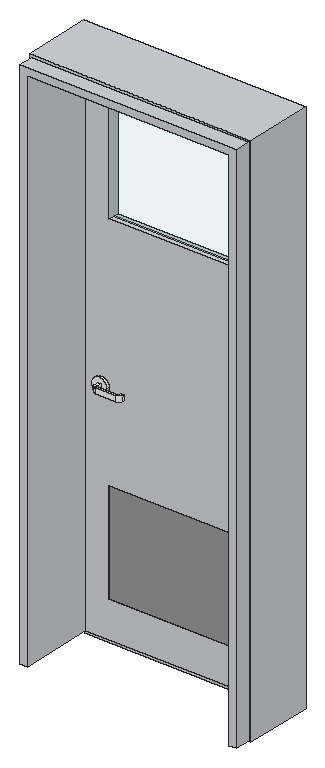
Revit family "Dor_片開き戸", category ドア, Revit 2020
Family settings
  ホスト = 壁
  常に垂直 = はい
  ロード時にボイドで切り取り = はい
  共有 = いいえ
  部屋計算ポイント = いいえ
Parameters (values of type "片開き戸")
  開口逃げ位置表示 [instance] = no
  金物_施錠方式(外) = ""
  金物_施錠方式(内) = ""
  金物_支持金物 = ""
  金物_操作金物 = ""
  金物_戸当り = ""
  金物_固定金物 = ""
  金物_フランス落し = ""
  金物_クローザー = ""
  逃げ_左 = 60 mm
  逃げ_右 = 60 mm
  解析用性能 = "<なし>"
  符号_建具記号 = ""
  符号_建具番号 = ""
  法_随時閉鎖 = yes
  法_防火性能 = ""
  法_遮煙 = yes
  法_常時閉鎖 = yes
  沓摺表示 [instance] = yes
  文字_ガラス厚 = ""
  建枠下延長 [instance] = 0 mm
  沓摺見込_Kc_Kd [instance] = 150 mm
  ラベル_遮煙 = if(法_遮煙, "S", " ")  # "S"
  ラベル_法囲み = if(法_常時閉鎖, "□", if(法_随時閉鎖, "〇", " "))  # "□"
  ドアパネルタイプ = DP_腰窓+ガラリ : 腰窓+ガラリ
  スリット/小窓位置：戸先 [instance] = yes
  ガラス厚 = 6 mm
  オフセット_外側 [instance] = 50 mm
  calc_沓摺幅 = 幅 + 戸当見付 * 2  # 830 mm
  沓摺タイプ = Ka_沓摺 : Ka_沓摺
  次による断熱プロパティの定義 = スキーマティック タイプ
  枠見付内_F01 = 30 mm
  calc_枠見込内 [instance] = if(and(枠ちり内 = 0 mm, オフセット_内側 = 0 mm), 1 mm, 0 mm)  # 0 mm
  calc_枠見付内 = if(枠タイプ = 1, 枠見付内_F01, if(枠タイプ = 2, 枠見付 + 戸当見付, if(枠タイプ = 3, 枠見付 + 戸当見付, 枠見付)))  # 30 mm
  文字_額縁材質 = ""
  文字_額縁仕上 = ""
  文字_沓摺材質 = ""
  文字_沓摺仕上 = ""
  文字_枠材質 = ""
  文字_枠仕上 = ""
  文字_建具材質 = ""
  文字_建具仕上 = ""
  文字_取付場所 = ""
  文字_備考 = ""
  文字_パネル厚 = ""
  文字_ガラリ材質 = ""
  文字_ガラリ仕上 = ""
  文字_ガラス材質 = ""
  文字_アンダーカット = ""
  性能_遮音 = ""
  性能_気密 = ""
  形状_沓摺形状 = ""
  形状_枠形状 = ""
  形状_建具形式 = ""
  形状_ガラリ形状 = ""
  仕上げ厚 = 0 mm
  calc_壁芯ずれ [instance] = オフセット_外側 / 2 + オフセット_内側 / 2 + LOCK  # 50 mm
  calc_仕上げ厚 [instance] = if(and(オフセット_内側 = 0 mm, 仕上げ厚 = 0 mm), 11 mm, 仕上げ厚)  # 0 mm
  マテリアル_沓摺 = none
  マテリアル_枠 = none
  マテリアル_パネル = none
  マテリアル_ガラリ = none
  マテリアル_ガラス = ガラス - 透明
  パネル幅2 = 0 mm  # constant formula
  パネル幅1 = 幅 + 戸当見付 * 2  # 830 mm
  calc_パネル中心位置 = パネル厚 / 2 + LOCK  # 22.5 mm
  ハンドル表示 [instance] = yes
  Keynote = ""
  オフセット_内側 [instance] = 50 mm
  W寸法 = 800 mm
  LOCK = 0 mm  # constant formula
  H寸法 = 2100 mm
  F02_片ひばた2 = 枠タイプ = 2  # no
  Function = (empty or 0)
  Description = ""
  枠タイプ = 1
  Rough Width = 0 mm
  高さ = H寸法 + LOCK  # 2100 mm
  枠見付 = 25 mm
  枠ちり外 = 20 mm
  枠ちり内 = 10 mm
  ハンドル_高さ = 900 mm
  ハンドル_オフセット = 80 mm
  戸当見込 = 50 mm
  戸当見付 = 15 mm
  Construction Type = ""
  Wall Closure = (empty or 0)
  幅 = W寸法 + LOCK  # 800 mm
  Rough Height = 0 mm
  パネル高 = 高さ + 戸当見付 - アンダーカット  # 2110 mm
  パネル幅 = パネル幅1 + LOCK  # 830 mm
  パネル厚 = 45 mm
  アンダーカット = 5 mm
  F01_片ひばた1 = 枠タイプ = 1  # yes
  F03_両ひばた = 枠タイプ = 3  # no
Reference planes
  plane 1: y = 0
  plane 2 "中心(左/右)": x = 0
  plane 3 "EXT.": y = 100
  plane 4 "内壁": y = -100
  plane 5 "左": x = -400
  plane 6 "右": x = 400
  plane 7 "上側": z = 2100
  plane 8: z = 0
  plane 9 "枠ちり外": y = 170
  plane 10 "左扉位置": x = -415
  plane 11 "枠外側左": x = -440
  plane 12 "枠内側左": x = -430
  plane 13 "仕上げ厚": y = -100
  plane 14 "右扉位置": x = 415
  plane 15 "枠外側右": x = 440
  plane 16 "枠内側右": x = 430
  plane 17: z = 2115
  plane 18 "枠見付_上": z = 2140
  plane 19 "枠見付内_上": z = 2130
  plane 20 "戸当り外側": y = 125
  plane 21 "戸当り内側": y = 75
  plane 22: x = -430
  plane 23: x = 430
  plane 24: z = 5
  plane 25 "オフセット": y = -150
  plane 26 "枠ちり内": y = -160
  plane 27 "パネル中心": y = 147.5
  plane 28: y = 90
  plane 29: y = -140
  plane 30: z = 2130
  plane 31: y = 90
  plane 32 "パネル厚中心": y = 147.5
  plane 33 "壁芯": y = -50
  plane 34: z = 900
  plane 35: x = -335
  plane 36 "建枠下延長": z = 0
  plane 37 "枠見込み内": y = -100
  plane 38 "オフセット_外側": y = 150
  plane 39 "マスク位置": z = 500
  plane 40: y = 155
Forms (mm)
  Extrusion 1, void
    sketch origin (0, 0, 0) x (1, 0, 0) y (0, 1, 0)
      loop
        line (-430, -150) -> (430, -150) -> (430, -100) -> (-430, -100) -> (-430, -150)
    from 0 to 2130
  Extrusion 2, void
    sketch origin (0, 0, 0) x (1, 0, 0) y (0, 1, 0)
      loop
        line (-440, 150) -> (-440, -100) -> (440, -100) -> (440, 150) -> (-440, 150)
    from 0 to 2140
  Sweep 3, solid, material <- "マテリアル_枠", visible <- "F01_片ひばた1", detail levels medium+fine
    path origin (0, 100, 0) x (1, 0, 0) y (0, 0, 1)
      loop
        line (400, 0) -> (400, 2100) -> (-400, 2100) -> (-400, 0)
    profile origin (400, 100, 1050) x (-1, 0, 0) y (0, -1, 0)
      loop
        line (-40, -70) -> (-15, -70) -> (-15, -25) -> (0, -25) -> (0, 260) -> (-30, 260) -> (-30, 200) -> (-40, 200) -> (-40, -70)
  Sweep 4, solid, material <- "マテリアル_枠", visible <- "F02_片ひばた2"
    path origin (0, 100, 0) x (1, 0, 0) y (0, 0, 1)
      loop
        line (400, 0) -> (400, 2100) -> (-400, 2100) -> (-400, 0)
    profile origin (400, 100, 1050) x (-1, 0, 0) y (0, -1, 0)
      loop
        line (-40, -70) -> (-15, -70) -> (-15, -25) -> (0, -25) -> (0, 260) -> (-40, 260) -> (-40, -70)
  Sweep 5, solid, material <- "マテリアル_枠", visible <- "F03_両ひばた"
    path origin (0, 100, 0) x (1, 0, 0) y (0, 0, 1)
      loop
        line (400, 0) -> (400, 2100) -> (-400, 2100) -> (-400, 0)
    profile origin (400, 100, 1050) x (-1, 0, 0) y (0, -1, 0)
      loop
        line (-40, -70) -> (-15, -70) -> (-15, -25) -> (0, -25) -> (0, 25) -> (-15, 25) -> (-15, 260) -> (-40, 260) -> (-40, -70)
Lines and regions (mm)
  Masking region 1
    outline origin (0, 0, 0) x (0, 1, 0) y (0, 0, 1)
      loop
        line (170, 2115) -> (125, 2115) -> (125, 5) -> (170, 5) -> (170, 2115)
  Masking region 2, visible <- "F02_片ひばた2"
    outline origin (0, 0, 0) x (0, 1, 0) y (0, 0, 1)
      loop
        line (90, 2130) -> (-140, 2130) -> (-160, 2130) -> (-160, 2100) -> (125, 2100) -> (125, 2115) -> (170, 2115) -> (170, 2130) -> (90, 2130)
  Masking region 3, visible <- "F01_片ひばた1"
    outline origin (0, 0, 0) x (0, 1, 0) y (0, 0, 1)
      loop
        line (90, 2140) -> (-100, 2140) -> (-100, 2130) -> (-140, 2130) -> (-160, 2130) -> (-160, 2100) -> (125, 2100) -> (125, 2115) -> (170, 2115) -> (170, 2140) -> (90, 2140)
  Masking region 4, visible <- "F03_両ひばた"
    outline origin (0, 0, 0) x (0, 1, 0) y (0, 0, 1)
      loop
        line (90, 2130) -> (-140, 2130) -> (-160, 2130) -> (-160, 2115) -> (75, 2115) -> (75, 2100) -> (125, 2100) -> (125, 2115) -> (170, 2115) -> (170, 2130) -> (90, 2130)
  Masking region 5, visible <- "F01_片ひばた1", detail levels medium+fine
    outline origin (0, 0, 0) x (1, 0, 0) y (0, 1, 0)
      loop
        line (-440, -100) -> (-430, -100) -> (-430, -160) -> (-400, -160) -> (-400, 125) -> (-415, 125) -> (-415, 170) -> (-440, 170) -> (-440, -100)
      loop
        line (440, -100) -> (440, 170) -> (415, 170) -> (415, 125) -> (400, 125) -> (400, -160) -> (430, -160) -> (430, -100) -> (440, -100)
  Masking region 6, visible <- "F02_片ひばた2", detail levels medium+fine
    outline origin (0, 0, 0) x (1, 0, 0) y (0, 1, 0)
      loop
        line (-430, 170) -> (-430, -160) -> (-400, -160) -> (-400, 125) -> (-415, 125) -> (-415, 170) -> (-430, 170)
      loop
        line (440, 170) -> (415, 170) -> (415, 125) -> (400, 125) -> (400, -160) -> (440, -160) -> (440, 170)
  Masking region 7, detail levels coarse
    outline origin (0, 0, 0) x (1, 0, 0) y (0, 1, 0)
      loop
        line (-400, -155) -> (400, -155) -> (400, -150) -> (400, 150) -> (400, 155) -> (-400, 155) -> (-400, 150) -> (-400, -150) -> (-400, -155)
  Masking region 8, detail levels coarse
    outline origin (0, 0, 0) x (1, 0, 0) y (0, 1, 0)
      loop
        line (-445, 150) -> (-445, -150) -> (-400, -150) -> (-400, 150) -> (-445, 150)
      loop
        line (445, 150) -> (400, 150) -> (400, -150) -> (445, -150) -> (445, 150)
  Masking region 9, visible <- "F03_両ひばた", detail levels medium+fine
    outline origin (0, 0, 0) x (1, 0, 0) y (0, 1, 0)
      loop
        line (-440, 170) -> (-440, -160) -> (-415, -160) -> (-415, 75) -> (-400, 75) -> (-400, 125) -> (-415, 125) -> (-415, 170) -> (-440, 170)
      loop
        line (440, 170) -> (415, 170) -> (415, 125) -> (400, 125) -> (400, 75) -> (415, 75) -> (415, -160) -> (440, -160) -> (440, 170)
  symbolic lines
    curve 1: line (0, 220, 0) -> (0, -210, 0)
Text (mm)
  text "EXT." at (-2295.016, 1099.543, 0), in view "基準レベル"
  text "外部" at (0, 1615.38, 3698.081), in view "左"
  text "外部" at (0, 1036.032, 3874.932), in view "右"
  text "内部" at (0, -1175.082, 3874.932), in view "右"
  text "内部" at (-2295.016, -1087.353, 0), in view "基準レベル"
Dimensions and locks
  equal spacing: plane 5 "左", plane 2 "中心(左/右)", plane 6 "右"
  locked: plane 3 "EXT." to host wall
  locked: plane 4 "内壁" to host wall
  "W寸法": plane 5 "左" to plane 6 "右"
  "H寸法": plane 8 to plane 7 "上側"
  "戸当見付": plane 10 "左扉位置" to plane 5 "左"
  "calc_枠見付内": plane 12 "枠内側左" to plane 5 "左"
  "枠見付": plane 11 "枠外側左" to plane 10 "左扉位置"
  "calc_仕上げ厚": plane 13 "仕上げ厚" to plane 4 "内壁"
  "枠見付": plane 15 "枠外側右" to plane 14 "右扉位置"
  "戸当見付": plane 7 "上側" to plane 17
  "枠見付": plane 17 to plane 18 "枠見付_上"
  "calc_枠見付内": plane 7 "上側" to plane 19 "枠見付内_上"
  "パネル厚": plane 9 "枠ちり外" to plane 20 "戸当り外側"
  "戸当見込": plane 20 "戸当り外側" to plane 21 "戸当り内側"
  "戸当見付": plane 6 "右" to plane 14 "右扉位置"
  "calc_枠見付内": plane 6 "右" to plane 16 "枠内側右"
  "枠見付内_F01": plane 22 to plane 5 "左"
  "枠見付内_F01": plane 6 "右" to plane 23
  "枠ちり内": plane 25 "オフセット" to plane 26 "枠ちり内"
  "オフセット_内側": plane 25 "オフセット" to plane 4 "内壁"
  "アンダーカット": plane 24 to plane 8
  locked: plane 3 "EXT." to Masking region 2 sketch curve at 10
  locked: Masking region 2 sketch curve to plane 25 "オフセット" at 10
  equal spacing: plane 9 "枠ちり外", plane 27 "パネル中心", plane 20 "戸当り外側"
  locked: plane 3 "EXT." to plane 28 at 10
  locked: plane 29 to plane 25 "オフセット" at 10
  "枠見付内_F01": plane 7 "上側" to plane 30
  locked: curve 1 to plane 9 "枠ちり外" at 50
  locked: plane 26 "枠ちり内" to curve 1 at 50
  plane 4 "内壁" to plane 3 "EXT." = 200 mm
  locked: plane 31 to plane 3 "EXT." at 10
  "calc_パネル中心位置": plane 9 "枠ちり外" to plane 32 "パネル厚中心"
  "calc_壁芯ずれ": plane 33 "壁芯" to plane 1
  "ハンドル_高さ": plane 34 to level
  "ハンドル_オフセット": plane 35 to plane 10 "左扉位置"
  "建枠下延長": plane 8 to plane 36 "建枠下延長"
  locked: plane 15 "枠外側右" to Masking region 8 sketch curve at 5
  locked: Masking region 8 sketch curve to plane 11 "枠外側左" at 5
  "calc_枠見込内": plane 37 "枠見込み内" to plane 13 "仕上げ厚"
  "枠ちり外": plane 9 "枠ちり外" to plane 38 "オフセット_外側"
  "オフセット_外側": plane 3 "EXT." to plane 38 "オフセット_外側"
  locked: level to plane 39 "マスク位置" at 500
  locked: plane 40 to plane 38 "オフセット_外側" at 5
  aligned and locked: plane 1 to host wall
  aligned and locked: level to plane 8
  aligned and locked: plane 13 "仕上げ厚" to Extrusion 1 sketch curve
  aligned and locked: plane 11 "枠外側左" to Extrusion 2 sketch curve
  aligned and locked: plane 13 "仕上げ厚" to Extrusion 2 sketch curve
  aligned and locked: plane 15 "枠外側右" to Extrusion 2 sketch curve
  aligned and locked: plane 18 "枠見付_上" to Extrusion 2
  aligned and locked: plane 7 "上側" to Sweep 3 sketch curve
  aligned and locked: plane 6 "右" to Sweep 3 sketch curve  (x2)
  aligned and locked: Sweep 3 sketch curve to plane 5 "左"
  aligned and locked: Sweep 3 sketch curve to plane 13 "仕上げ厚"
  aligned and locked: plane 9 "枠ちり外" to Sweep 3 sketch curve
  aligned and locked: plane 20 "戸当り外側" to Sweep 3 sketch curve
  aligned and locked: plane 14 "右扉位置" to Sweep 3 sketch curve
  aligned and locked: Sweep 3 sketch curve to plane 15 "枠外側右"
  aligned and locked: plane 15 "枠外側右" to Sweep 4 sketch curve
  aligned and locked: plane 14 "右扉位置" to Sweep 5 sketch curve  (x2)
  aligned and locked: Sweep 5 sketch curve to plane 21 "戸当り内側"
  aligned and locked: plane 23 to Sweep 3 sketch curve
  aligned and locked: Sweep 3 sketch curve to plane 26 "枠ちり内"
  aligned and locked: Sweep 4 sketch curve to plane 26 "枠ちり内"
  aligned and locked: plane 20 "戸当り外側" to Sweep 4 sketch curve
  aligned and locked: Sweep 5 sketch curve to plane 26 "枠ちり内"
  aligned and locked: Extrusion 1 to plane 25 "オフセット"
  aligned and locked: plane 19 "枠見付内_上" to Extrusion 1
  aligned and locked: Sweep 4 to Masking region 1 sketch curve
  aligned and locked: plane 9 "枠ちり外" to Masking region 2 sketch curve
  aligned and locked: plane 19 "枠見付内_上" to Masking region 2 sketch curve  (x3)
  aligned and locked: Masking region 2 sketch curve to plane 26 "枠ちり内"
  aligned and locked: plane 7 "上側" to Masking region 2 sketch curve
  aligned and locked: plane 20 "戸当り外側" to Masking region 2 sketch curve
  aligned and locked: Masking region 2 sketch curve to plane 17
  aligned and locked: plane 2 "中心(左/右)" to nested 1
  aligned and locked: nested 1 to plane 27 "パネル中心"
  aligned and locked: plane 20 "戸当り外側" to Masking region 3 sketch curve
  aligned and locked: Masking region 3 sketch curve to plane 26 "枠ちり内"
  aligned and locked: plane 7 "上側" to Masking region 3 sketch curve
  aligned and locked: Masking region 3 sketch curve to plane 17
  aligned and locked: plane 18 "枠見付_上" to Masking region 3 sketch curve  (x2)
  aligned and locked: Masking region 3 sketch curve to plane 30  (x2)
  aligned and locked: plane 30 to Masking region 3 sketch curve
  aligned and locked: plane 19 "枠見付内_上" to Masking region 4 sketch curve  (x3)
  aligned and locked: Masking region 4 sketch curve to plane 26 "枠ちり内"
  aligned and locked: plane 9 "枠ちり外" to Masking region 4 sketch curve
  aligned and locked: Masking region 4 sketch curve to plane 17  (x2)
  aligned and locked: plane 7 "上側" to Masking region 4 sketch curve
  aligned and locked: plane 20 "戸当り外側" to Masking region 4 sketch curve
  aligned and locked: Masking region 4 sketch curve to plane 21 "戸当り内側"
  aligned and locked: plane 2 "中心(左/右)" to nested 2
  aligned and locked: Masking region 5 sketch curve to plane 9 "枠ちり外"
  aligned and locked: Masking region 5 sketch curve to plane 20 "戸当り外側"
  aligned and locked: plane 26 "枠ちり内" to Masking region 5 sketch curve
  aligned and locked: plane 11 "枠外側左" to Masking region 5 sketch curve
  aligned and locked: plane 5 "左" to Masking region 5 sketch curve
  aligned and locked: Masking region 5 sketch curve to nested 2
  aligned and locked: plane 6 "右" to Masking region 5 sketch curve
  aligned and locked: Masking region 5 sketch curve to plane 15 "枠外側右"
  aligned and locked: plane 14 "右扉位置" to Masking region 5 sketch curve
  aligned and locked: Masking region 5 sketch curve to plane 22
  aligned and locked: plane 23 to Masking region 5 sketch curve
  aligned and locked: plane 12 "枠内側左" to Masking region 6 sketch curve
  aligned and locked: plane 5 "左" to Masking region 7 sketch curve
  aligned and locked: Masking region 7 sketch curve to plane 6 "右"
  aligned and locked: Masking region 7 to Masking region 8 sketch curve
  aligned and locked: plane 6 "右" to Masking region 8 sketch curve
  aligned and locked: plane 25 "オフセット" to Masking region 8 sketch curve
  aligned and locked: Masking region 8 sketch curve to plane 25 "オフセット"
  aligned and locked: plane 25 "オフセット" to Masking region 7 sketch curve  (x2)
  aligned and locked: nested 2 to Masking region 9 sketch curve
  aligned and locked: plane 14 "右扉位置" to Masking region 9 sketch curve
  aligned and locked: plane 21 "戸当り内側" to Masking region 9 sketch curve  (x2)
  aligned and locked: Masking region 9 sketch curve to plane 21 "戸当り内側"  (x2)
  aligned and locked: plane 20 "戸当り外側" to Sweep 5 sketch curve
  aligned and locked: plane 9 "枠ちり外" to Sweep 5 sketch curve
  aligned and locked: plane 9 "枠ちり外" to Sweep 4 sketch curve
  aligned and locked: nested 3 to plane 33 "壁芯"
  aligned and locked: plane 2 "中心(左/右)" to nested 3
  aligned and locked: plane 2 "中心(左/右)" to nested 4
  aligned and locked: plane 32 "パネル厚中心" to nested 4
  aligned and locked: plane 27 "パネル中心" to nested 2
  aligned and locked: plane 2 "中心(左/右)" to nested 5
  aligned and locked: nested 5 to plane 8
  aligned and locked: plane 34 to nested 6
  aligned and locked: nested 6 to plane 35
  aligned and locked: nested 6 to plane 27 "パネル中心"
  aligned and locked: plane 36 "建枠下延長" to Sweep 4 sketch curve  (x2)
  aligned and locked: plane 36 "建枠下延長" to Sweep 3 sketch curve  (x2)
  aligned and locked: plane 36 "建枠下延長" to Sweep 5 sketch curve  (x2)
  aligned and locked: plane 9 "枠ちり外" to Masking region 6 sketch curve  (x2)
  aligned and locked: plane 9 "枠ちり外" to Masking region 9 sketch curve  (x2)
  aligned and locked: Extrusion 1 sketch curve to plane 12 "枠内側左"
  aligned and locked: Extrusion 1 sketch curve to plane 16 "枠内側右"
  aligned and locked: plane 37 "枠見込み内" to Masking region 5 sketch curve
  aligned and locked: Masking region 5 sketch curve to plane 37 "枠見込み内"
  aligned and locked: Extrusion 2 sketch curve to plane 38 "オフセット_外側"
  aligned and locked: Masking region 8 sketch curve to plane 38 "オフセット_外側"
  aligned and locked: plane 38 "オフセット_外側" to Masking region 8 sketch curve
  aligned and locked: plane 40 to Masking region 7 sketch curve
  aligned and locked: plane 38 "オフセット_外側" to Masking region 7 sketch curve  (x2)
  aligned and locked: plane 38 "オフセット_外側" to nested 2
Automatic sketch dimensions
  plane 5 "左" to Sweep 4 sketch curve = 0 mm
  plane 6 "右" to Sweep 4 sketch curve = 0 mm
  Sweep 4 sketch curve to plane 7 "上側" = 0 mm
  Sweep 4 sketch curve to profile plane = 0 mm
  profile plane to Sweep 4 sketch curve = 15 mm
  plane 5 "左" to Sweep 5 sketch curve = 0 mm
  plane 6 "右" to Sweep 5 sketch curve = 0 mm
  Sweep 5 sketch curve to plane 7 "上側" = 0 mm
  Sweep 5 sketch curve to profile plane = 0 mm
  profile plane to Sweep 5 sketch curve = 15 mm
  Sweep 5 sketch curve to Sweep 5 sketch curve = 25 mm
  Masking region 3 sketch curve to plane 29 = 0 mm
  Masking region 3 sketch curve to plane 13 "仕上げ厚" = 0 mm
  Masking region 3 sketch curve to plane 28 = 0 mm
  Masking region 3 sketch curve to plane 9 "枠ちり外" = 0 mm
  Masking region 4 sketch curve to plane 29 = 0 mm
  Masking region 4 sketch curve to plane 28 = 0 mm
  Masking region 6 sketch curve to plane 10 "左扉位置" = 0 mm
  Masking region 6 sketch curve to plane 5 "左" = 0 mm
  Masking region 6 sketch curve to plane 6 "右" = 0 mm
  Masking region 6 sketch curve to plane 14 "右扉位置" = 0 mm
  Masking region 6 sketch curve to plane 15 "枠外側右" = 0 mm
  Masking region 6 sketch curve to plane 26 "枠ちり内" = 0 mm  (x2)
  Masking region 6 sketch curve to plane 20 "戸当り外側" = 0 mm  (x2)
  Masking region 9 sketch curve to plane 10 "左扉位置" = 0 mm
  Masking region 9 sketch curve to plane 5 "左" = 0 mm
  Masking region 9 sketch curve to plane 6 "右" = 0 mm
  Masking region 9 sketch curve to plane 14 "右扉位置" = 0 mm
  Masking region 9 sketch curve to plane 26 "枠ちり内" = 0 mm  (x2)
  Masking region 9 sketch curve to plane 20 "戸当り外側" = 0 mm  (x2)
  curve 1 to plane 2 "中心(左/右)" = 0 mm
  Masking region 1 sketch curve to plane 17 = 0 mm
  Masking region 1 sketch curve to plane 20 "戸当り外側" = 0 mm
  Masking region 1 sketch curve to plane 24 = 0 mm
  Masking region 7 sketch curve to plane 25 "オフセット" = 5 mm
  Masking region 9 sketch curve to plane 11 "枠外側左" = 0 mm
  Masking region 9 sketch curve to plane 15 "枠外側右" = 0 mm
  Masking region 5 sketch curve to plane 26 "枠ちり内" = 0 mm
  Masking region 5 sketch curve to plane 20 "戸当り外側" = 0 mm
  Masking region 5 sketch curve to plane 9 "枠ちり外" = 0 mm
  Extrusion 1 sketch curve to plane 25 "オフセット" = 0 mm
Nested families
  nested 1: "Ka_沓摺" at (0, 147.5, 0), type <- "沓摺タイプ", visible <- "沓摺表示", type "Ka_沓摺"
  nested 2: "平面_片開き戸" at (0, 170, 0), type "平面_片開き戸"
    with 枠ちり外 20 mm
  nested 3: "平面_逃げ位置" at (0, -50, 0), visible <- "開口逃げ位置表示", 幅 <- "幅", 逃げ_右 <- "逃げ_右", 逃げ_左 <- "逃げ_左", type "平面_逃げ位置"
    with 逃げ_左 60 mm, 逃げ_右 60 mm, 幅 800 mm
  nested 4: "DP_腰窓+ガラリ" at (0, 147.5, 0) x (-1, 0, 0) z (0, 0, 1), マテリアル_パネル <- "マテリアル_パネル", 幅 <- "パネル幅1", 高さ <- "パネル高", Thickness <- "パネル厚", type <- "ドアパネルタイプ", アンダーカット <- "アンダーカット", マテリアル_ガラス <- "マテリアル_ガラス", マテリアル_ガラリ <- "マテリアル_ガラリ", スリット/小窓位置：戸先 <- "スリット/小窓位置：戸先", ガラス厚 <- "ガラス厚", type "腰窓+ガラリ"
    with 高さ 2110 mm, 幅 830 mm, built-in parameter 1001302 45 mm, マテリアル_パネル none, マテリアル_ガラリ none, マテリアル_ガラス ガラス - 透明, スリット/小窓位置：戸先 yes, ガラス厚 6 mm, アンダーカット 5 mm, calc_窓W 610 mm, calc_窓H 415 mm
  nested 5: "立面_スイング_開き戸" at (0, -100, 0) x (1, 0, 0) z (0, -1, 0), パネル幅 <- "パネル幅1", パネル高 <- "パネル高", アンダーカット <- "アンダーカット", type "立面_スイング_開き戸"
    with パネル高 2110 mm, パネル幅 830 mm, アンダーカット 5 mm
  nested 6: "Ha_ハンドル" at (-335, 147.5, 900), visible <- "ハンドル表示", type "Ha_ハンドル"
    with パネル厚 45 mm
Definition of nested family "Ka_沓摺"
  Parameters (values of type "Ka_沓摺")
    沓摺材質 [instance] = none
    Default Elevation = 0 mm
    沓摺見込 [instance] = 150 mm
    パネル幅 [instance] = 830 mm
    パネル厚 [instance] = 45 mm
    アンダーカット [instance] = 5 mm
    FB厚 = 6 mm
  Reference planes
    plane 1 "中心(正面/背面)": y = 0
    plane 2: z = 0
    plane 3 "中心(左/右)": x = 0
    plane 4 "パネル内側": y = -22.5
    plane 5: x = -415
    plane 6: x = 415
    plane 7: z = 5
    plane 8: z = 3
    plane 9 "パネル外側": y = 22.5
    plane 10: z = -20
    plane 11: y = 3
    plane 12: y = -3
  Forms (mm)
    Extrusion 1, solid, material <- "沓摺材質"
      sketch origin (0, 0, 0) x (0, 1, 0) y (0, 0, 1)
        loop
          line (3, -20) -> (3, 3) -> (-3, 3) -> (-3, -20) -> (3, -20)
      from -415 to 415
  Lines and regions (mm)
    Masking region 1
      outline origin (0, 0, 0) x (0, 1, 0) y (0, 0, 1)
        loop
          line (3, -20) -> (3, 3) -> (-3, 3) -> (-3, -20) -> (3, -20)
  Dimensions and locks
    "パネル幅": plane 5 to plane 6
    equal spacing: plane 5, plane 3 "中心(左/右)", plane 6
    "アンダーカット": plane 7 to plane 2
    locked: plane 7 to plane 8 at 2
    equal spacing: plane 9 "パネル外側", plane 1 "中心(正面/背面)", plane 4 "パネル内側"
    "パネル厚": plane 9 "パネル外側" to plane 4 "パネル内側"
    locked: plane 7 to plane 10 at 25
    plane 11 to plane 12 = 6 mm
    equal spacing: plane 11, plane 1 "中心(正面/背面)", plane 12
    "FB厚": plane 12 to plane 11
    aligned and locked: level to plane 2
    aligned and locked: plane 10 to Extrusion 1 sketch curve
    aligned and locked: Extrusion 1 sketch curve to plane 8
    aligned and locked: plane 6 to Extrusion 1
    aligned and locked: Extrusion 1 to plane 5
    aligned and locked: plane 11 to Masking region 1 sketch curve
    aligned and locked: Masking region 1 sketch curve to plane 12
    aligned and locked: Extrusion 1 sketch curve to plane 11
    aligned and locked: plane 12 to Extrusion 1 sketch curve
  Automatic sketch dimensions
    Masking region 1 sketch curve to plane 8 = 0 mm
    Masking region 1 sketch curve to plane 10 = 0 mm
Definition of nested family "DP_腰窓+ガラリ"
  Parameters (values of type "腰窓+ガラリ")
    Height [instance] = 1995 mm
    Analytic Construction = "<なし>"
    窓位置_戸先 = 110 mm
    窓位置_戸尻 = 110 mm
    Define Thermal Properties by = 1
    Thickness [instance] = 40 mm
    窓腰高 = 1500 mm
    マテリアル_パネル [instance] = none
    マテリアル_ガラリ [instance] = none
    マテリアル_ガラス [instance] = none
    スリット/小窓位置：戸先 [instance] = yes
    ガラリ位置_下 = 150 mm
    窓位置_上 = 200 mm
    Width [instance] = 800 mm
    ガラリH = 400 mm
    ガラス厚 [instance] = 6 mm
    アンダーカット [instance] = 5 mm
    calc_窓W [instance] = Width - 窓位置_戸先 - 窓位置_戸尻  # 580 mm
    calc_窓H [instance] = (Height + アンダーカット) - 窓腰高 - 窓位置_上  # 300 mm
  Reference planes
    plane 1 "中心(正面/背面)": y = 0
    plane 2 "下": z = 0
    plane 3 "中心(左/右)": x = 0
    plane 4 "右": x = 400
    plane 5 "左": x = -400
    plane 6 "前面": y = 20
    plane 7 "背面": y = -20
    plane 8 "上": z = 2000
    plane 9 "框左": x = -290
    plane 10 "框右": x = 290
    plane 11 "ガラス下": z = 1500
    plane 12 "框上": z = 1800
    plane 13 "ガラリ上": z = 550
    plane 14 "框下": z = 150
    plane 15 "窓中央": x = 0
    plane 16: z = 5
  Forms (mm)
    Extrusion 1, solid, material <- "マテリアル_パネル"
      sketch origin (0, 0, 0) x (1, 0, 0) y (0, 0, 1)
        loop
          line (-400, 2000) -> (-400, 5) -> (400, 5) -> (400, 2000) -> (-400, 2000)
        loop
          line (-290, 1800) -> (-290, 1500) -> (290, 1500) -> (290, 1800) -> (-290, 1800)
        loop
          line (-290, 550) -> (-290, 150) -> (290, 150) -> (290, 550) -> (-290, 550)
      from -20 to 20
    Extrusion 2, solid, material <- "マテリアル_ガラリ"
      sketch origin (0, 0, 0) x (1, 0, 0) y (0, 0, 1)
        loop
          line (-290, 550) -> (-290, 150) -> (290, 150) -> (290, 550) -> (-290, 550)
      from -20 to 20
  Dimensions and locks
    equal spacing: plane 5 "左", plane 3 "中心(左/右)", plane 4 "右"
    "Width": plane 5 "左" to plane 4 "右"
    equal spacing: plane 6 "前面", plane 1 "中心(正面/背面)", plane 7 "背面"
    "Thickness": plane 6 "前面" to plane 7 "背面"
    "窓位置_上": plane 8 "上" to plane 12 "框上"
    "窓腰高": plane 11 "ガラス下" to level
    "窓位置_戸先": plane 4 "右" to plane 10 "框右"
    "窓位置_戸尻": plane 9 "框左" to plane 5 "左"
    "ガラリ位置_下": plane 14 "框下" to level
    "ガラリH": plane 13 "ガラリ上" to plane 14 "框下"
    equal spacing: plane 9 "框左", plane 15 "窓中央", plane 10 "框右"
    "アンダーカット": plane 16 to plane 2 "下"
    "Height": plane 8 "上" to plane 16
    aligned and locked: level to plane 2 "下"
    aligned and locked: Extrusion 1 sketch curve to plane 8 "上"
    aligned and locked: plane 5 "左" to Extrusion 1 sketch curve
    aligned and locked: Extrusion 1 sketch curve to plane 4 "右"
    aligned and locked: plane 6 "前面" to Extrusion 1
    aligned and locked: Extrusion 1 to plane 7 "背面"
    aligned and locked: Extrusion 1 sketch curve to plane 12 "框上"
    aligned and locked: plane 9 "框左" to Extrusion 1 sketch curve  (x2)
    aligned and locked: plane 11 "ガラス下" to Extrusion 1 sketch curve
    aligned and locked: plane 10 "框右" to Extrusion 1 sketch curve  (x2)
    aligned and locked: Extrusion 1 sketch curve to plane 13 "ガラリ上"
    aligned and locked: plane 14 "框下" to Extrusion 1 sketch curve
    aligned and locked: Extrusion 2 sketch curve to Extrusion 1  (x4)
    aligned and locked: plane 6 "前面" to Extrusion 2
    aligned and locked: Extrusion 2 to plane 7 "背面"
    aligned and locked: plane 15 "窓中央" to nested 1
    aligned and locked: nested 1 to plane 1 "中心(正面/背面)"
    aligned and locked: plane 16 to Extrusion 1 sketch curve
  Nested families
    nested 1: "DPw_ガラス" at (0, 15, 1500), built-in parameter 1001364 <- "窓腰高", Height <- "calc_窓H", Width <- "calc_窓W", Thickness <- "ガラス厚", マテリアル_ガラス <- "マテリアル_ガラス", type "ガラス"
      with Height 300 mm, Width 580 mm, Thickness 6 mm, マテリアル_ガラス none
  Definition of nested family "DPw_ガラス"
    Parameters (values of type "DPw_ガラス")
      Define Thermal Properties by = 1
      Visual Light Transmittance = 0.9
      Solar Heat Gain Coefficient = 0.78
      Height [instance] = 1000 mm
      Heat Transfer Coefficient (U) = 3.6886 W/(m²·K)
      Width [instance] = 800 mm
      Analytic Construction = "1/8 インチ ピルキントン一重ガラス"
      Thickness [instance] = 6 mm
      マテリアル_ガラス [instance] = none
    Reference planes
      plane 1 "中心(正面/背面)": y = -15
      plane 2 "下": z = 0
      plane 3 "中心(左/右)": x = 0
      plane 4 "左": x = -400
      plane 5 "右": x = 400
      plane 6 "上": z = 1000
      plane 7: y = -12
      plane 8: y = -18
      plane 9: z = 500
    Forms (mm)
      Extrusion 1, solid, material <- "マテリアル_ガラス"
        sketch origin (0, -15, 0) x (1, 0, 0) y (0, 0, 1)
          loop
            line (-400, 0) -> (400, 0) -> (400, 1000) -> (-400, 1000) -> (-400, 0)
        from -3 to 3
    Lines and regions (mm)
      symbolic lines, detail levels medium+fine
        curve 1: line (400, -15, 0) -> (-400, -15, 0)
      symbolic lines, detail levels fine
        curve 2: line (0, -15, 1000) -> (0, -15, 0)
    Dimensions and locks
      equal spacing: plane 4 "左", plane 3 "中心(左/右)", plane 5 "右"
      "Width": plane 4 "左" to plane 5 "右"
      "Height": plane 6 "上" to plane 2 "下"
      equal spacing: plane 6 "上", plane 9, plane 2 "下"
      "Thickness": plane 8 to plane 7
      equal spacing: plane 8, plane 1 "中心(正面/背面)", plane 7
      plane 2 "下" to level = 0 mm
      aligned and locked: plane 5 "右" to Extrusion 1
      aligned and locked: Extrusion 1 to plane 4 "左"
      aligned and locked: Extrusion 1 to plane 7
      aligned and locked: plane 8 to Extrusion 1
      aligned and locked: curve 1 to plane 1 "中心(正面/背面)"
      aligned and locked: plane 4 "左" to curve 1
      aligned and locked: Extrusion 1 to curve 1
      aligned and locked: plane 6 "上" to Extrusion 1
      aligned and locked: plane 2 "下" to curve 2
      aligned and locked: plane 6 "上" to curve 2
      aligned and locked: Extrusion 1 to plane 2 "下"
    Automatic sketch dimensions
      Extrusion 1 sketch curve to plane 4 "左" = 0 mm
      Extrusion 1 sketch curve to plane 5 "右" = 0 mm
      level to Extrusion 1 sketch curve = 0 mm
      Extrusion 1 sketch curve to plane 6 "上" = 0 mm
      curve 2 to plane 1 "中心(正面/背面)" = 0 mm
Definition of nested family "Ha_ハンドル"
  Parameters (values of type "Ha_ハンドル")
    Analytic Construction = "<なし>"
    Define Thermal Properties by = 1
    ハンドル = none
    パネル厚 = 40 mm
    Keynote = "08730.A5"
    Function = (empty or 0)
  Reference planes
    plane 1 "中心(正面/背面)": y = 0
    plane 2: z = 0
    plane 3 "中心(左/右)": x = 0
    plane 4: y = 20
    plane 5: y = -20
    plane 6: x = 100
    plane 7: y = 30
    plane 8: y = 55
  Forms (mm)
    Extrusion 1, solid, material <- "ハンドル"
      sketch origin (0, 0, 0) x (1, 0, 0) y (0, 0, 1)
        loop
          circle (0, 0) r 30
      from 20 to 30
    Sweep 2, solid, material <- "ハンドル"
      path origin (0, 5, 0) x (1, 0, 0) y (0, 1, 0)
        loop
          line (0, -35) -> (0, -50)
          arc (0, -50) -> (2.929, -57.071) -> (10, -60) r 10
          line (10, -60) -> (90, -60)
          arc (90, -60) -> (97.071, -57.071) -> (100, -50) r 10
          line (100, -50) -> (100, -45)
      profile origin (0, -37.5, 0) x (1, 0, 0) y (0, 0, 1)
        loop
          line (-5, -10) -> (5, -10) -> (5, 10) -> (-5, 10) -> (-5, -10)
    Extrusion 3, solid, material <- "ハンドル"
      sketch origin (0, 0, 0) x (1, 0, 0) y (0, 0, -1)
        loop
          circle (0, 0) r 30
      from 20 to 30
    Sweep 4, solid, material <- "ハンドル"
      path origin (0, -5, 0) x (1, 0, 0) y (0, -1, 0)
        loop
          line (0, -35) -> (0, -50)
          arc (0, -50) -> (2.929, -57.071) -> (10, -60) r 10
          line (10, -60) -> (90, -60)
          arc (90, -60) -> (97.071, -57.071) -> (100, -50) r 10
          line (100, -50) -> (100, -45)
      profile origin (0, 37.5, 0) x (-1, 0, 0) y (0, 0, 1)
        loop
          line (5, -10) -> (5, 10) -> (-5, 10) -> (-5, -10) -> (5, -10)
  Dimensions and locks
    equal spacing: plane 5, plane 1 "中心(正面/背面)", plane 4
    "パネル厚": plane 5 to plane 4
    locked: Extrusion 1 to plane 5 at 10
    equal spacing: Sweep 2 sketch curve, plane 3 "中心(左/右)", Sweep 2 sketch curve
    equal spacing: Sweep 2 sketch curve, level, Sweep 2 sketch curve
    locked: plane 7 to plane 4 at 10
    locked: plane 8 to plane 4 at 35
    Sweep 4 sketch curve to Sweep 4 sketch curve = 10 mm
    Sweep 4 sketch curve to Sweep 4 sketch curve = 20 mm
    aligned and locked: Extrusion 1 to plane 5
    aligned and locked: Extrusion 1 to Sweep 2 sketch curve
    aligned and locked: plane 7 to Extrusion 3
    aligned and locked: plane 4 to Extrusion 3
  Automatic sketch dimensions
    Extrusion 1 sketch curve to level = 0 mm
    Extrusion 1 sketch curve to plane 3 "中心(左/右)" = 0 mm
    Sweep 2 sketch curve to plane 3 "中心(左/右)" = 0 mm
    Sweep 2 sketch curve to plane 6 = 0 mm
    plane 3 "中心(左/右)" to Sweep 2 sketch curve = 10 mm
    Sweep 2 sketch curve to plane 6 = 10 mm
    plane 5 to Sweep 2 sketch curve = 20 mm
    Sweep 2 sketch curve to Sweep 2 sketch curve = 5 mm
    profile plane to Sweep 2 sketch curve = 5 mm
    Sweep 2 sketch curve to level = 10 mm
    Extrusion 3 sketch curve to level = 0 mm
    Extrusion 3 sketch curve to plane 3 "中心(左/右)" = 0 mm
    Sweep 4 sketch curve to plane 3 "中心(左/右)" = 0 mm
    Sweep 4 sketch curve to plane 8 = 0 mm
    Sweep 4 sketch curve to plane 6 = 0 mm
    Sweep 4 sketch curve to plane 7 = 0 mm
    Sweep 4 sketch curve to plane 3 "中心(左/右)" = 10 mm
    plane 6 to Sweep 4 sketch curve = 10 mm
    Sweep 4 sketch curve to Sweep 4 sketch curve = 5 mm
    profile plane to Sweep 4 sketch curve = 5 mm
    Sweep 4 sketch curve to profile plane = 5 mm
    Sweep 4 sketch curve to level = 10 mm
    level to Sweep 4 sketch curve = 10 mm
    radius of Extrusion 1 sketch curve = 30 mm
    radius of Extrusion 3 sketch curve = 30 mm
Definition of nested family "平面_片開き戸"
  Parameters (values of type "平面_片開き戸")
    開口幅 = 800 mm
    枠ちり外 = 10 mm
    戸当見付 = 15 mm
    パネル幅 = 開口幅 + 戸当見付 * 2  # 830 mm
    パネル厚 = 45 mm
  Reference planes
    plane 1 "中心(正面/背面)": y = 0
    plane 2: z = 0
    plane 3 "中心(左/右)": x = 0
    plane 4: x = -400
    plane 5: x = 400
    plane 6: x = -415
    plane 7: x = 415
    plane 8: y = -45
    plane 9: y = 830
    plane 10: y = 790
    plane 11: y = -10
    plane 12 "パネル中心": y = -22.5
  Lines and regions (mm)
    Masking region 1, in view "基準レベル", detail levels medium+fine
      outline origin (0, 0, 0) x (1, 0, 0) y (0, 1, 0)
        loop
          line (-415, -45) -> (415, -45) -> (415, 0) -> (-415, 0) -> (-415, -45)
    detail lines, in view "基準レベル", detail levels medium+fine
      curve 1: line (415, 0, 0) -> (415, 830, 0)
      curve 2: arc (-415, 0, 0) -> (-171.899, 586.899, 0) -> (415, 830, 0) r 830
    detail lines, in view "基準レベル", detail levels coarse
      curve 3: line (400, -10, 0) -> (400, 790, 0)
      curve 4: arc (-400, -10, 0) -> (-165.685, 555.685, 0) -> (400, 790, 0) r 800
  Dimensions and locks
    equal spacing: plane 4, plane 3 "中心(左/右)", plane 5
    "開口幅": plane 4 to plane 5
    "戸当見付": plane 6 to plane 4
    "戸当見付": plane 5 to plane 7
    "パネル厚": plane 8 to plane 1 "中心(正面/背面)"
    "パネル幅": plane 1 "中心(正面/背面)" to plane 9
    "枠ちり外": plane 11 to plane 1 "中心(正面/背面)"
    "開口幅": plane 10 to plane 11
    equal spacing: plane 1 "中心(正面/背面)", plane 12 "パネル中心", plane 8
    "パネル幅": radius of curve 2
    "開口幅": radius of curve 4
    angle curve 2 to curve 2 = 90.00°
    aligned and locked: Masking region 1 sketch curve to plane 8
    aligned and locked: Masking region 1 sketch curve to plane 6
    aligned and locked: Masking region 1 sketch curve to plane 1 "中心(正面/背面)"
    aligned and locked: plane 7 to Masking region 1 sketch curve
    aligned and locked: plane 1 "中心(正面/背面)" to curve 1
    aligned and locked: Masking region 1 to curve 2
    aligned and locked: plane 9 to curve 2
    aligned and locked: plane 5 to curve 3
  Automatic sketch dimensions
    curve 2 to plane 6 = 0 mm
    curve 4 to plane 11 = 0 mm
    curve 3 to plane 11 = 0 mm
Definition of nested family "平面_逃げ位置"
  Parameters (values of type "平面_逃げ位置")
    逃げ_左 [instance] = 40 mm
    逃げ_右 [instance] = 40 mm
    幅 [instance] = 1000 mm
  Reference planes
    plane 1 "中心(正面/背面)": y = 0
    plane 2: z = 0
    plane 3 "中心(左/右)": x = 0
    plane 4: x = -500
    plane 5: x = 500
    plane 6: x = 540
    plane 7: x = -540
    plane 8: y = -30
    plane 9: y = 30
  Lines and regions (mm)
    detail lines, in view "基準レベル"
      curve 1: line (-540, 30, 0) -> (-540, -30, 0)
      curve 2: line (540, 30, 0) -> (540, -30, 0)
  Dimensions and locks
    equal spacing: plane 4, plane 3 "中心(左/右)", plane 5
    "幅": plane 4 to plane 5
    plane 9 to plane 8 = 60 mm
    equal spacing: plane 9, plane 1 "中心(正面/背面)", plane 8
    "逃げ_左": plane 7 to plane 4
    "逃げ_右": plane 5 to plane 6
    aligned and locked: curve 1 to plane 7
    aligned and locked: plane 6 to curve 2
    aligned and locked: plane 9 to curve 2
  Automatic sketch dimensions
    curve 1 to plane 8 = 0 mm
    curve 2 to plane 8 = 0 mm
    curve 1 to plane 9 = 0 mm
Definition of nested family "立面_スイング_開き戸"
  Parameters (values of type "立面_スイング_開き戸")
    パネル高 [instance] = 1800 mm
    パネル幅 [instance] = 900 mm
    アンダーカット [instance] = 5 mm
  Reference planes
    plane 1 "中心(正面/背面)": y = 0
    plane 2: z = 0
    plane 3 "中心(左/右)": x = 0
    plane 4: y = 5
    plane 5: x = -450
    plane 6: x = 450
    plane 7: y = 1805
    plane 8: y = 905
  Lines and regions (mm)
    detail lines, in view "基準レベル"
      curve 1: line (-450, 1805, 0) -> (450, 905, 0)
      curve 2: line (450, 905, 0) -> (-450, 5, 0)
  Dimensions and locks
    equal spacing: plane 7, plane 8, plane 4
    "アンダーカット": plane 1 "中心(正面/背面)" to plane 4
    "パネル高": plane 7 to plane 4
    equal spacing: plane 5, plane 3 "中心(左/右)", plane 6
    "パネル幅": plane 5 to plane 6
    aligned and locked: plane 5 to curve 1
    aligned and locked: plane 7 to curve 1
    aligned and locked: plane 5 to curve 2
    aligned and locked: plane 4 to curve 2
    aligned and locked: plane 6 to curve 2
    aligned and locked: plane 8 to curve 1
